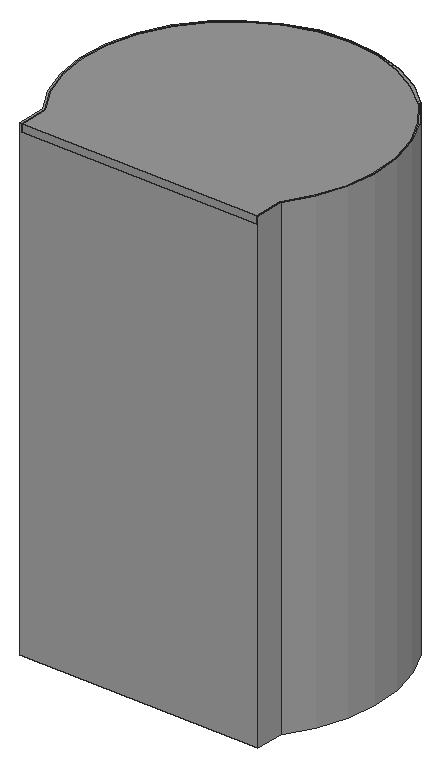
Revit family "3002 Björk Handdryer", category Furniture Systems, host Wall, Revit 2017
Family settings
  Host = Wall
  Round Connector Dimension = Use Diameter
  Part Type = Normal
  Always vertical = Yes
  Cut with Voids When Loaded = No
  Shared = No
  Room Calculation Point = No
Parameters (values of type "OSLO")
  URL = "http://www.dandryer.com/en-gb/products/-handdryers/3002-bjork-hand-dryer--optional-ral-colour"
  Type Image = <None>
  Surface Top = OSLO
  Surface Front = RAL FARVE
  Model = "Björk-3002"
  Manufacturer = "Dan Dryer"
  Description = "Touch-free hand dryer"
  Cost = 0
Types (6, lengths in mm): name | URL | Surface Top
  BIRK | "http://www.dandryer.dk/da-dk/produkter/produktserie-%E2%80%93-bjork/3002-bjork-haandtoerrer--valgfri-ral-farve" | BIRK
  GEO WHITE | "http://www.dandryer.dk/da-dk/produkter/produktserie-%E2%80%93-bjork/3002-bjork-haandtoerrer--valgfri-ral-farve" | GEO WHITE
  GRIGIO LONDRA | "http://www.dandryer.dk/da-dk/produkter/produktserie-%E2%80%93-bjork/3002-bjork-haandtoerrer--valgfri-ral-farve" | GRIGIO LONDRA
  NEGRO INGO | "http://www.dandryer.dk/da-dk/produkter/produktserie-%E2%80%93-bjork/3002-bjork-haandtoerrer--valgfri-ral-farve" | NEGRO INGO
  OSLO | "http://www.dandryer.com/en-gb/products/-handdryers/3002-bjork-hand-dryer--optional-ral-colour" | OSLO
  BIANCO MALE | "http://www.dandryer.dk/da-dk/produkter/produktserie-%E2%80%93-bjork/3002-bjork-haandtoerrer--valgfri-ral-farve" | BIANCO MALE
Reference planes
  plane 1 "Wall": y = 0
  plane 2 "Center (Left/Right)": x = 125
  plane 3 "Back": y = 75
Forms (mm)
  Extrusion 1, solid, material "Blank Hvid", not visible
    sketch origin (0, 0, 0) x (1, 0, 0) y (0, 1, 0)
      loop
        arc (42.212, 95.366) -> (42.426, 94.946) -> (42.5, 94.481) r 1.5
        line (42.5, 94.481) -> (42.5, 75.3) -> (43.7, 75.3) -> (43.7, 94.481)
        arc (43.7, 94.481) -> (43.567, 95.318) -> (43.181, 96.073) r 2.7
        arc (43.181, 96.073) -> (125, 257.1) -> (206.819, 96.073) r 101.3
        arc (206.819, 96.073) -> (206.433, 95.318) -> (206.3, 94.481) r 2.7
        line (206.3, 94.481) -> (206.3, 75.3) -> (207.5, 75.3) -> (207.5, 94.481)
        arc (207.5, 94.481) -> (207.574, 94.946) -> (207.788, 95.366) r 1.5
        arc (207.788, 95.366) -> (125, 258.3) -> (42.212, 95.366) r 102.5
    from 900 to 1230
  Extrusion 2, void, not visible
    sketch origin (207.5, 94.481, 0) x (0, 1, 0) y (0, 0, -1)
      loop
        line (-19.181, -1225) -> (-19.181, -1230) -> (6.154, -1230)
        arc (6.154, -1230) -> (3.068, -1228.36) -> (2.105, -1225) r 4.47
        line (2.105, -1225) -> (-19.181, -1225)
    from -10.952 to 170.161
  Extrusion 3, void, not visible
    sketch origin (207.5, 94.481, 2130) x (0, 1, 0) y (0, 0, -1)
      loop
        line (-19.181, 1225) -> (2.105, 1225)
        arc (2.105, 1225) -> (3.068, 1228.36) -> (6.154, 1230) r 4.47
        line (6.154, 1230) -> (-19.181, 1230) -> (-19.181, 1225)
    from -6 to 179.451
  Extrusion 4, solid, not visible
    sketch origin (207.5, 75.3, 907) x (0, 1, 0) y (-1, 0, 0)
      loop
        line (0, 163.8) -> (0, 1.2) -> (19.181, 1.2)
        arc (19.181, 1.2) -> (20.018, 1.067) -> (20.773, 0.681) r 2.7
        arc (20.773, 0.681) -> (181.8, 82.5) -> (20.773, 164.319) r 101.3
        arc (20.773, 164.319) -> (20.018, 163.933) -> (19.181, 163.8) r 2.7
        line (19.181, 163.8) -> (0, 163.8)
    from 0 to -2
  Extrusion 5, void, not visible
    sketch origin (206.3, 75.3, 0) x (-1, 0, 0) y (0, 0, 1)
      loop
        arc (83.312, 976) -> (81.303, 978.014) -> (79.288, 976) r 2.012
        line (79.288, 976) -> (79.285, 930)
        arc (79.285, 930) -> (81.297, 927.986) -> (83.312, 930) r 2.012
        line (83.312, 930) -> (83.312, 976)
    from 174.915 to 189.234
  Extrusion 6, solid, not visible
    sketch origin (206.3, 75.3, 0) x (1, 0, 0) y (0, 0, 1)
      loop
        line (-83.312, 975.984) -> (-83.312, 930)
        arc (-83.312, 930) -> (-81.291, 928.118) -> (-79.287, 930.016) r 2.015
        line (-79.287, 930.016) -> (-79.288, 976)
        arc (-79.288, 976) -> (-81.309, 977.882) -> (-83.312, 975.984) r 2.015
    from -182.98 to -174.915
  Extrusion 7, solid, material "RAL FARVE", not visible
    sketch origin (0, 0, 0) x (1, 0, 0) y (0, 1, 0)
      loop
        arc (42.212, 95.366) -> (42.426, 94.946) -> (42.5, 94.481) r 1.5
        line (42.5, 94.481) -> (42.5, 75.3) -> (43.7, 75.3) -> (43.7, 94.481)
        arc (43.7, 94.481) -> (43.567, 95.318) -> (43.181, 96.073) r 2.7
        arc (43.181, 96.073) -> (125, 257.1) -> (206.819, 96.073) r 101.3
        arc (206.819, 96.073) -> (206.433, 95.318) -> (206.3, 94.481) r 2.7
        line (206.3, 94.481) -> (206.3, 75.3) -> (207.5, 75.3) -> (207.5, 94.481)
        arc (207.5, 94.481) -> (207.574, 94.946) -> (207.788, 95.366) r 1.5
        arc (207.788, 95.366) -> (125, 258.3) -> (42.212, 95.366) r 102.5
    from 900 to 1230
Text (mm)
  text "Placement Side" at (-1848.837, 1116.779, 0), in view "Ref. Level"
  text "Placement side" at (0, 1409.804, 2854.306), in view "Left"
  text "Placement side" at (0, 499.811, 2980.732), in view "Right"
Dimensions and locks
  locked: plane 3 "Back" to host wall
  aligned and locked: plane 1 "Wall" to host wall
  aligned and locked: plane 3 "Back" to nested 1  (x2)
Nested families
  nested 1: "Master Handdryer" at (125, 75, 1100), type "Master Handdryer"
Definition of nested family "Master Handdryer"
  Parameters (values of type "Master Handdryer")
    Surface Top = none
    Surface Front = none
  Reference planes
    plane 1 "Center (Front/Back)": y = 0
    plane 2: z = 0
    plane 3 "Center (Left/Right)": x = 0
  Forms (mm)
    Extrusion 1, solid, material <- "Surface Front"
      sketch origin (0, 0, 0) x (1, 0, 0) y (0, 1, 0)
        loop
          arc (82.5, 19.672) -> (0, 183) -> (-82.5, 19.672) r 102.5
          line (-82.5, 19.672) -> (-82.5, 0) -> (82.5, 0) -> (82.5, 19.672)
      from 0 to 330
    Extrusion 2, solid, material <- "Surface Top"
      sketch origin (0, 0, 330) x (1, 0, 0) y (0, 1, 0)
        loop
          arc (81.3, 20.068) -> (0, 181.8) -> (-81.3, 20.068) r 101.3
          line (-81.3, 20.068) -> (-81.3, 0) -> (81.3, 0) -> (81.3, 20.068)
      from 0 to -5
    Extrusion 3, void
      sketch origin (0, 0, 0) x (1, 0, 0) y (0, 1, 0)
        loop
          line (-81.3, 0) -> (81.3, 0) -> (81.3, 20.068)
          arc (81.3, 20.068) -> (0, 181.8) -> (-81.3, 20.068) r 101.3
          line (-81.3, 20.068) -> (-81.3, 0)
      from 325 to 330
  Cuts and joins
    Extrusion 3 cuts Extrusion 1
  Dimensions and locks
    aligned and locked: level to plane 2
